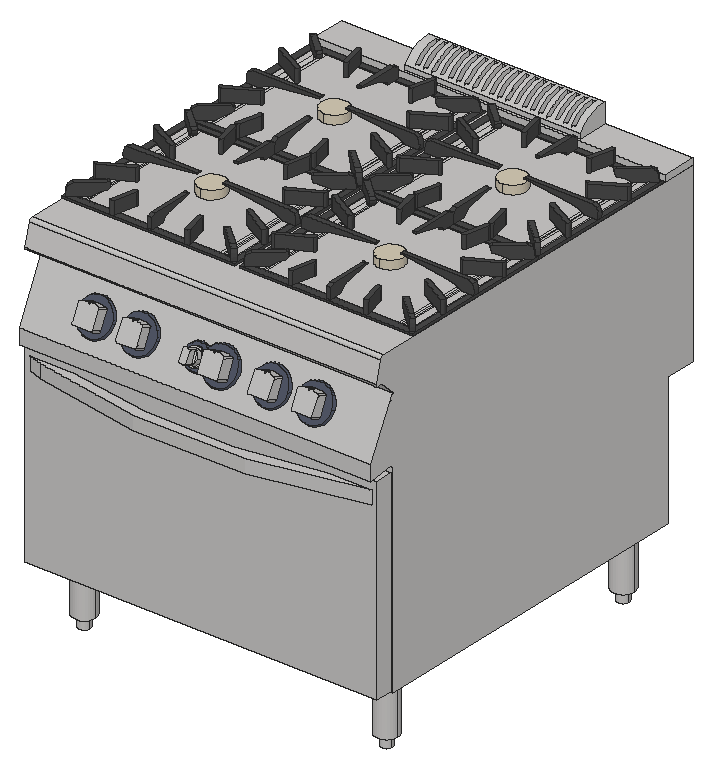
Revit family "QF_ZANUSSI_392006_Z9GCGH4SGM", category Specialty Equipment, Revit 2018
Family settings
  Round Connector Dimension = Use Diameter
  Part Type = Normal
  Work Plane-Based = No
  Always vertical = Yes
  Cut with Voids When Loaded = No
  Shared = No
  Room Calculation Point = No
Parameters
  Weight in Pounds = 155
  Weight = 0.00 kg
  Watts = 0 W
  Volts = 0 V
  URL Manufacturer = "http://www.zanussiprofessional.com"
  URL Cutsheet = "www.electrolux.com"
  URL = "http://www.zanussiprofessional.com"
  Type Mark [instance] = ""
  Steam Supply Size = 0"
  Steam Supply Minimum Pressure = 0.00 psi
  Steam Supply Maximum Pressure = 0.00 psi
  Steam Pounds per Hour = 0
  Status [instance] = ""
  Specification by User [instance] = ""
  Specification by Manufacturer = ""
  Show Logo [instance] = yes
  Show Clearance [instance] = yes
  Serial Number = ""
  Seismic Rating = ""
  SMACNA No = ""
  Revision Code [instance] = ""
  Refrigeration Suction Line Size = 0"
  Refrigeration Liquid Line Size = 0"
  Refrigerant Compressor Remote = yes
  Phase = 0
  Omniclass Number and Title = ""
  NAFEM Spec ID Number = ""
  Model = "Z9GCGH4SGM"
  Mechanical Remarks [instance] = ""
  Mechanical Connection Type [instance] = ""
  Masterspec = ""
  Manufacturer = "Zanussi"
  Length Actual = 800 mm  # constant formula
  Item Number [instance] = "392006"
  Installed By [instance] = ""
  Identify Quantity as Lot [instance] = yes
  Hot Water Size = 0"
  Height Actual = 850 mm  # constant formula
  HP = "0 HP"
  Gas Size = 1/2"
  Gas RI Height [instance] = 0 mm
  Gas KW [instance] = 48.5
  Gas Input [instance] = 1.6262 Btu/h
  Gas Connection Height = 0 mm
  Furnished By [instance] = ""
  Foodservice Equipment Identifier [instance] = yes
  Direct Waste Size = 0"
  Description = "4-BURNER (10KW) GAS RANGE+OVEN 800 MM"
  Depth Actual = 900 mm  # constant formula
  Cycle = 0 Hz
  Condensate Return Size = 0"
  Compressed Air Volume = 0 GPM
  Compressed Air Size = 0"
  Compressed Air Pressure = 0.00 psi
  Cold Water Size = 0"
  CSI MasterFormat = ""
  CSI Master Format = ""
  Accessory = yes
Reference planes
  plane 1 "BACK": y = 0
  plane 2: z = 0
  plane 3 "LEFT": x = 0
  plane 4 "RIGHT": x = 800.1
  plane 5 "FRONT": y = -915
  plane 6 "TOP": z = 908
  plane 7 "Center Y": x = 400.05
  plane 8 "Center X": y = -457.5
  plane 9: z = 149.225
  plane 10: z = 1397
  plane 11: y = -80.962
  plane 12: z = 850
  plane 13: x = 56
  plane 14: y = -128
  plane 15: y = -801.687
  plane 16: y = -665.163
  plane 17: y = -1309
  plane 18: y = -576
  plane 19: x = 744.1
  plane 20: y = -900
  plane 21: x = 70.925
Forms (mm)
  Extrusion 1, solid, material "QF_Finishes_Stainless Steel"
    sketch origin (0, 0, 0) x (0, 1, 0) y (0, 0, 1)
      loop
        line (0, 849.225) -> (-879.358, 849.225)
        arc (-879.358, 849.225) -> (-884.643, 847.036) -> (-886.833, 841.751) r 7.474
        line (-886.833, 841.751) -> (-899.884, 796.236)
        arc (-899.884, 796.236) -> (-899.396, 793.604) -> (-897, 792.409) r 3
        line (-897, 792.409) -> (-886.802, 792.409) -> (-854.982, 760.589) -> (-915, 639.733) -> (-915, 604.733) -> (-858.645, 612.653)
        arc (-858.645, 612.653) -> (-856.101, 611.899) -> (-855, 609.484) r 3.2
        line (-855, 609.484) -> (-855, 149.225) -> (-71, 149.225) -> (-71, 449.225) -> (0, 449.225) -> (0, 849.225)
      loop
        line (-900, 599.225) -> (-900, 154.225) -> (-860, 154.225) -> (-860, 599.225) -> (-900, 599.225)
    from 0 to 800.1
  Revolve 2, solid, material "QF_Finishes_Stainless Steel"
    sketch origin (0, -801.687, 611.731) x (0, 0, -1) y (1, 0, 0)
      loop
        line (462.506, 56) -> (462.506, 30.6) -> (586.331, 30.6) -> (586.331, 43.3) -> (611.731, 43.3) -> (611.731, 56) -> (462.506, 56)
      axis (611.731, 56) -> (462.506, 56)
    angle from 0 to 360
  Revolve 3, solid, material "QF_Finishes_Stainless Steel"
    sketch origin (800.1, -801.687, 611.731) x (0, 0, -1) y (1, 0, 0)
      loop
        line (462.506, -55.562) -> (611.731, -55.562) -> (611.731, -42.862) -> (586.331, -42.862) -> (586.331, -30.162) -> (462.506, -30.162) -> (462.506, -55.562)
      axis (611.731, -55.562) -> (462.506, -55.562)
    angle from 0 to 360
  Revolve 4, solid, material "QF_Finishes_Stainless Steel"
    sketch origin (800.1, -128.588, 611.731) x (0, 0, -1) y (1, 0, 0)
      loop
        line (462.506, -55.562) -> (611.731, -55.562) -> (611.731, -42.862) -> (586.331, -42.862) -> (586.331, -30.162) -> (462.506, -30.162) -> (462.506, -55.562)
      axis (611.731, -55.562) -> (462.506, -55.562)
    angle from 0 to 360
  Revolve 5, solid, material "QF_Finishes_Stainless Steel"
    sketch origin (111.125, -128.588, 611.731) x (0, 0, -1) y (1, 0, 0)
      loop
        line (462.506, -55.125) -> (611.731, -55.125) -> (611.731, -42.425) -> (586.331, -42.425) -> (586.331, -29.725) -> (462.506, -29.725) -> (462.506, -55.125)
      axis (611.731, -55.125) -> (462.506, -55.125)
    angle from 0 to 360
  Extrusion 6, solid, material "QF_Finishes_Stainless Steel"
    sketch origin (0, 0, 0) x (0, 1, 0) y (0, 0, 1)
      loop
        line (0, 850) -> (0, 864.288) -> (-76.2, 864.288) -> (-76.2, 850) -> (0, 850)
    from 0 to 800.1
  Extrusion 7, void
    sketch origin (-65.011, 0, 865.138) x (-1, 0, 0) y (0, -1, 0)
      loop
        line (-295.005, 6.761) -> (-285.709, 6.761) -> (-285.709, 63.911) -> (-295.005, 63.911) -> (-295.005, 6.761)
      loop
        line (-313.697, 6.761) -> (-304.401, 6.761) -> (-304.401, 63.911) -> (-313.697, 63.911) -> (-313.697, 6.761)
      loop
        line (-332.39, 6.761) -> (-323.094, 6.761) -> (-323.094, 63.911) -> (-332.39, 63.911) -> (-332.39, 6.761)
      loop
        line (-351.082, 6.761) -> (-341.787, 6.761) -> (-341.787, 63.911) -> (-351.082, 63.911) -> (-351.082, 6.761)
      loop
        line (-369.775, 6.761) -> (-360.479, 6.761) -> (-360.479, 63.911) -> (-369.775, 63.911) -> (-369.775, 6.761)
      loop
        line (-388.468, 6.761) -> (-379.172, 6.761) -> (-379.172, 63.911) -> (-388.468, 63.911) -> (-388.468, 6.761)
      loop
        line (-407.16, 6.761) -> (-397.864, 6.761) -> (-397.864, 63.911) -> (-407.16, 63.911) -> (-407.16, 6.761)
      loop
        line (-425.853, 6.761) -> (-416.557, 6.761) -> (-416.557, 63.911) -> (-425.853, 63.911) -> (-425.853, 6.761)
      loop
        line (-444.545, 6.761) -> (-435.25, 6.761) -> (-435.25, 63.911) -> (-444.545, 63.911) -> (-444.545, 6.761)
      loop
        line (-463.238, 6.761) -> (-453.942, 6.761) -> (-453.942, 63.911) -> (-463.238, 63.911) -> (-463.238, 6.761)
      loop
        line (-481.931, 6.761) -> (-472.635, 6.761) -> (-472.635, 63.911) -> (-481.931, 63.911) -> (-481.931, 6.761)
      loop
        line (-500.623, 6.761) -> (-491.328, 6.761) -> (-491.328, 63.911) -> (-500.623, 63.911) -> (-500.623, 6.761)
      loop
        line (-519.316, 6.761) -> (-510.02, 6.761) -> (-510.02, 63.911) -> (-519.316, 63.911) -> (-519.316, 6.761)
      loop
        line (-538.008, 6.761) -> (-528.713, 6.761) -> (-528.713, 63.911) -> (-538.008, 63.911) -> (-538.008, 6.761)
      loop
        line (-556.701, 6.761) -> (-547.405, 6.761) -> (-547.405, 63.911) -> (-556.701, 63.911) -> (-556.701, 6.761)
      loop
        line (-575.394, 6.761) -> (-566.098, 6.761) -> (-566.098, 63.911) -> (-575.394, 63.911) -> (-575.394, 6.761)
      loop
        line (-594.086, 6.761) -> (-584.791, 6.761) -> (-584.791, 63.911) -> (-594.086, 63.911) -> (-594.086, 6.761)
      loop
        line (-612.779, 6.761) -> (-603.483, 6.761) -> (-603.483, 63.911) -> (-612.779, 63.911) -> (-612.779, 6.761)
      loop
        line (-631.472, 6.761) -> (-622.176, 6.761) -> (-622.176, 63.911) -> (-631.472, 63.911) -> (-631.472, 6.761)
      loop
        line (-650.164, 6.761) -> (-640.868, 6.761) -> (-640.868, 63.911) -> (-650.164, 63.911) -> (-650.164, 6.761)
    from 9.525 to 45.348
  Extrusion 8, solid, material "QF_Finishes_Stainless Steel"
    sketch origin (400.05, 175.397, 1219.2) x (0, 1, 0) y (0, 0, 1)
      loop
        line (-175.397, -354.912) -> (-175.397, -311.2)
        arc (-175.397, -311.2) -> (-214.469, -319.821) -> (-245.247, -345.387) r 84.854
        line (-245.247, -345.387) -> (-245.247, -354.912) -> (-175.397, -354.912)
    from -200.05 to 199.95
  Extrusion 9, solid, material "QF_Finishes_Stainless Steel"
    sketch origin (0, -853.025, 149.225) x (1, 0, 0) y (0, -1, 0)
      loop
        circle (749.3, -187.862) r 6.4
      loop
        circle (757.1, -277.025) r 6.4
    from 0 to 20.638
  Extrusion 10, solid, material "QF_Clearances", visible <- "Show Clearance", detail levels coarse
    sketch origin (0, 0, 0) x (1, 0, 0) y (0, 1, 0)
      loop
        line (-100.013, -915) -> (0, -915) -> (0, 0) -> (800.1, 0) -> (800.1, -915) -> (900.113, -915) -> (900.113, 100.013) -> (-100.013, 100.013) -> (-100.013, -915)
    from 0 to 908
  Blend 11, solid, material "QF_Finishes_Navy Blue"
    base sketch origin (150, -884.991, 700.161) x (1, 0, 0) y (0, 0.444781, 0.895639)
      loop
        circle (0, 0) r 42.5
    top sketch origin (150, -884.991, 700.161) x (1, 0, 0) y (0, 0.444781, 0.895639)
      loop
        circle (0, 0) r 40.5
    from 0 to 5
  Extrusion 12, solid, material "QF_Finishes_Stainless Steel"
    sketch origin (150, -884.991, 700.161) x (1, 0, 0) y (0, 0.444781, 0.895639)
      loop
        arc (-21.147, 22.789) -> (-22.494, 21.685) -> (-23, 20.019) r 2.997
        line (-23, 20.019) -> (-23, -20.019)
        arc (-23, -20.019) -> (-22.122, -22.138) -> (-20.003, -23.016) r 2.997
        line (-20.003, -23.016) -> (20.003, -23.016)
        arc (20.003, -23.016) -> (22.122, -22.138) -> (23, -20.019) r 2.997
        line (23, -20.019) -> (23, 20.019)
        arc (23, 20.019) -> (22.494, 21.685) -> (21.147, 22.789) r 2.997
        arc (21.147, 22.789) -> (0, 26.984) -> (-21.147, 22.789) r 55.4
    from 10 to 34
  Extrusion 13, solid, material "QF_Plastic-Black-Matte"
    sketch origin (207.5, -884.991, 700.799) x (0, 0.444781, 0.895639) y (0, -0.895639, 0.444781)
      loop
        line (26.535, 33.47) -> (26.535, 18.47) -> (27.535, 18.47) -> (27.535, 33.47)
        arc (27.535, 33.47) -> (27.242, 34.177) -> (26.535, 34.47) r 1
        line (26.535, 34.47) -> (23.535, 34.47) -> (23.535, 33.47) -> (26.535, 33.47)
    from -58.5 to -56.5
  Extrusion 14, solid, material "QF_Finishes_Stainless Steel"
    sketch origin (150, -884.991, 700.161) x (1, 0, 0) y (0, 0.444781, 0.895639)
      loop
        line (17.5, 17.5) -> (-17.5, 17.5) -> (-17.5, -17.5) -> (17.5, -17.5) -> (17.5, 17.5)
    from 5 to 10
  Blend 15, solid, material "QF_Finishes_Navy Blue"
    base sketch origin (250, -884.991, 700.161) x (1, 0, 0) y (0, 0.444781, 0.895639)
      loop
        circle (0, 0) r 42.5
    top sketch origin (250, -884.991, 700.161) x (1, 0, 0) y (0, 0.444781, 0.895639)
      loop
        circle (0, 0) r 40.5
    from 0 to 5
  Extrusion 16, solid, material "QF_Finishes_Stainless Steel"
    sketch origin (250, -884.991, 700.161) x (1, 0, 0) y (0, 0.444781, 0.895639)
      loop
        arc (-21.147, 22.789) -> (-22.494, 21.685) -> (-23, 20.019) r 2.997
        line (-23, 20.019) -> (-23, -20.019)
        arc (-23, -20.019) -> (-22.122, -22.138) -> (-20.003, -23.016) r 2.997
        line (-20.003, -23.016) -> (20.003, -23.016)
        arc (20.003, -23.016) -> (22.122, -22.138) -> (23, -20.019) r 2.997
        line (23, -20.019) -> (23, 20.019)
        arc (23, 20.019) -> (22.494, 21.685) -> (21.147, 22.789) r 2.997
        arc (21.147, 22.789) -> (0, 26.984) -> (-21.147, 22.789) r 55.4
    from 10 to 34
  Extrusion 17, solid, material "QF_Finishes_Stainless Steel"
    sketch origin (250, -884.991, 700.161) x (1, 0, 0) y (0, 0.444781, 0.895639)
      loop
        line (17.5, 17.5) -> (-17.5, 17.5) -> (-17.5, -17.5) -> (17.5, -17.5) -> (17.5, 17.5)
    from 5 to 10
  Extrusion 18, solid, material "QF_Plastic-Black-Matte"
    sketch origin (192.5, -884.991, 700.799) x (0, 0.444781, 0.895639) y (0, 0.895639, -0.444781)
      loop
        line (26.535, -33.47) -> (23.535, -33.47) -> (23.535, -34.47) -> (26.535, -34.47)
        arc (26.535, -34.47) -> (27.242, -34.177) -> (27.535, -33.47) r 1
        line (27.535, -33.47) -> (27.535, -18.47) -> (26.535, -18.47) -> (26.535, -33.47)
    from -58.5 to -56.5
  Blend 19, solid, material "QF_Finishes_Navy Blue"
    base sketch origin (550.1, -884.991, 700.161) x (1, 0, 0) y (0, 0.444781, 0.895639)
      loop
        circle (0, 0) r 42.5
    top sketch origin (550.1, -884.991, 700.161) x (1, 0, 0) y (0, 0.444781, 0.895639)
      loop
        circle (0, 0) r 40.5
    from 0 to 5
  Extrusion 20, solid, material "QF_Finishes_Stainless Steel"
    sketch origin (550.1, -884.991, 700.161) x (1, 0, 0) y (0, 0.444781, 0.895639)
      loop
        arc (-21.147, 22.789) -> (-22.494, 21.685) -> (-23, 20.019) r 2.997
        line (-23, 20.019) -> (-23, -20.019)
        arc (-23, -20.019) -> (-22.122, -22.138) -> (-20.003, -23.016) r 2.997
        line (-20.003, -23.016) -> (20.003, -23.016)
        arc (20.003, -23.016) -> (22.122, -22.138) -> (23, -20.019) r 2.997
        line (23, -20.019) -> (23, 20.019)
        arc (23, 20.019) -> (22.494, 21.685) -> (21.147, 22.789) r 2.997
        arc (21.147, 22.789) -> (0, 26.984) -> (-21.147, 22.789) r 55.4
    from 10 to 34
  Extrusion 21, solid, material "QF_Plastic-Black-Matte"
    sketch origin (607.6, -884.991, 700.799) x (0, 0.444781, 0.895639) y (0, -0.895639, 0.444781)
      loop
        line (26.535, 33.47) -> (26.535, 18.47) -> (27.535, 18.47) -> (27.535, 33.47)
        arc (27.535, 33.47) -> (27.242, 34.177) -> (26.535, 34.47) r 1
        line (26.535, 34.47) -> (23.535, 34.47) -> (23.535, 33.47) -> (26.535, 33.47)
    from -58.5 to -56.5
  Extrusion 22, solid, material "QF_Finishes_Stainless Steel"
    sketch origin (550.1, -884.991, 700.161) x (1, 0, 0) y (0, 0.444781, 0.895639)
      loop
        line (17.5, 17.5) -> (-17.5, 17.5) -> (-17.5, -17.5) -> (17.5, -17.5) -> (17.5, 17.5)
    from 5 to 10
  Blend 23, solid, material "QF_Finishes_Navy Blue"
    base sketch origin (650.1, -884.991, 700.161) x (1, 0, 0) y (0, 0.444781, 0.895639)
      loop
        circle (0, 0) r 42.5
    top sketch origin (650.1, -884.991, 700.161) x (1, 0, 0) y (0, 0.444781, 0.895639)
      loop
        circle (0, 0) r 40.5
    from 0 to 5
  Extrusion 24, solid, material "QF_Finishes_Stainless Steel"
    sketch origin (650.1, -884.991, 700.161) x (1, 0, 0) y (0, 0.444781, 0.895639)
      loop
        arc (-21.147, 22.789) -> (-22.494, 21.685) -> (-23, 20.019) r 2.997
        line (-23, 20.019) -> (-23, -20.019)
        arc (-23, -20.019) -> (-22.122, -22.138) -> (-20.003, -23.016) r 2.997
        line (-20.003, -23.016) -> (20.003, -23.016)
        arc (20.003, -23.016) -> (22.122, -22.138) -> (23, -20.019) r 2.997
        line (23, -20.019) -> (23, 20.019)
        arc (23, 20.019) -> (22.494, 21.685) -> (21.147, 22.789) r 2.997
        arc (21.147, 22.789) -> (0, 26.984) -> (-21.147, 22.789) r 55.4
    from 10 to 34
  Extrusion 25, solid, material "QF_Finishes_Stainless Steel"
    sketch origin (650.1, -884.991, 700.161) x (1, 0, 0) y (0, 0.444781, 0.895639)
      loop
        line (17.5, 17.5) -> (-17.5, 17.5) -> (-17.5, -17.5) -> (17.5, -17.5) -> (17.5, 17.5)
    from 5 to 10
  Extrusion 26, solid, material "QF_Plastic-Black-Matte"
    sketch origin (592.6, -884.991, 700.799) x (0, 0.444781, 0.895639) y (0, 0.895639, -0.444781)
      loop
        line (26.535, -33.47) -> (23.535, -33.47) -> (23.535, -34.47) -> (26.535, -34.47)
        arc (26.535, -34.47) -> (27.242, -34.177) -> (27.535, -33.47) r 1
        line (27.535, -33.47) -> (27.535, -18.47) -> (26.535, -18.47) -> (26.535, -33.47)
    from -58.5 to -56.5
  Blend 27, solid, material "QF_Finishes_Navy Blue"
    base sketch origin (435, -884.991, 700.161) x (1, 0, 0) y (0, 0.444781, 0.895639)
      loop
        arc (-35.05, -24.037) -> (42.5, 0) -> (-35.05, 24.037) r 42.5
        arc (-35.05, 24.037) -> (-83, 0) -> (-35.05, -24.037) r 30
    top sketch origin (435, -884.991, 700.161) x (1, 0, 0) y (0, 0.444781, 0.895639)
      loop
        arc (-34.578, -21.086) -> (40.5, 0) -> (-34.578, 21.086) r 40.5
        arc (-34.578, 21.086) -> (-81, 0) -> (-34.578, -21.086) r 28
    from 0 to 5
  Extrusion 28, solid, material "QF_Finishes_Stainless Steel"
    sketch origin (202.5, -884.991, 700.161) x (1, 0, 0) y (0, 0.444781, 0.895639)
      loop
        circle (177.499, -0.341) r 20
    from 5 to 10
  Extrusion 29, void
    sketch origin (435, -884.991, 700.161) x (1, 0, 0) y (0, -0.895639, 0.444781)
      loop
        line (-62.999, 24.837) -> (-62.999, 40) -> (-71.893, 40) -> (-71.893, 22) -> (-65.835, 22)
        arc (-65.835, 22) -> (-63.827, 22.828) -> (-62.999, 24.837) r 2.827
      loop
        arc (-47.003, 24.837) -> (-46.175, 22.828) -> (-44.167, 22) r 2.827
        line (-44.167, 22) -> (-38.109, 22) -> (-38.109, 40) -> (-47.003, 40) -> (-47.003, 24.837)
    from -20.019 to 20.019
  Extrusion 30, solid, material "QF_Finishes_Stainless Steel"
    sketch origin (202.5, -884.991, 700.161) x (1, 0, 0) y (0, 0.444781, 0.895639)
      loop
        arc (211.353, 22.789) -> (210.006, 21.685) -> (209.5, 20.019) r 2.997
        line (209.5, 20.019) -> (209.5, -20.019)
        arc (209.5, -20.019) -> (210.378, -22.138) -> (212.497, -23.016) r 2.997
        line (212.497, -23.016) -> (252.503, -23.016)
        arc (252.503, -23.016) -> (254.622, -22.138) -> (255.5, -20.019) r 2.997
        line (255.5, -20.019) -> (255.5, 20.019)
        arc (255.5, 20.019) -> (254.994, 21.685) -> (253.647, 22.789) r 2.997
        arc (253.647, 22.789) -> (232.5, 26.984) -> (211.353, 22.789) r 55.4
    from 5 to 34
  Extrusion 31, solid, material "QF_Finishes_Stainless Steel"
    sketch origin (202.5, -884.991, 700.161) x (1, 0, 0) y (0, 0.444781, 0.895639)
      loop
        circle (177.499, -0.341) r 16
    from 10 to 40
  Extrusion 32, solid, material "QF_Plastic-Black-Matte"
    sketch origin (492.5, -884.991, 700.161) x (0, 0.444781, 0.895639) y (0, -0.895639, 0.444781)
      loop
        line (27.106, 33.754) -> (27.106, 18.754) -> (28.106, 18.754) -> (28.106, 33.754)
        arc (28.106, 33.754) -> (27.813, 34.461) -> (27.106, 34.754) r 1
        line (27.106, 34.754) -> (24.106, 34.754) -> (24.106, 33.754) -> (27.106, 33.754)
    from -58.5 to -56.5
  Extrusion 33, solid, material "QF_Finishes_Door Clearance", visible <- "Show Clearance", detail levels coarse
    sketch origin (0, -200, -0.775) x (0, 1, 0) y (0, 0, 1)
      loop
        arc (-700, 600) -> (-991.621, 457.58) -> (-1108.972, 155) r 445
        line (-1108.972, 155) -> (-700, 155) -> (-700, 600)
    from 0 to 800
  Extrusion 34, solid, material "QF_Finishes_Stainless Steel"
    sketch origin (0, -200, 149.225) x (-1, 0, 0) y (0, -1, 0)
      loop
        line (-790, 700) -> (-696.395, 700)
        arc (-696.395, 700) -> (-400, 735) -> (-103.605, 700) r 1272.5
        line (-103.605, 700) -> (-10, 700)
        arc (-10, 700) -> (-27.217, 705.295) -> (-44.506, 710.35) r 1297.5
        arc (-44.506, 710.35) -> (-418.013, 759.875) -> (-790, 700) r 1297.5
    from 400 to 430
Cuts and joins
  Extrusion 7 cuts Extrusion 8
  Extrusion 29 cuts Extrusion 31
Lines and regions (mm)
  Split face 1
    outline origin (150, -889.469, 702.385) x (1, 0, 0) y (0, 0.444781, 0.895639)
      loop
        circle (-33, 0) r 3
  Split face 2
    outline origin (155.901, -889.469, 702.385) x (1, 0, 0) y (0, 0.444781, 0.895639)
      loop
        line (-8.901, 38.561) -> (-8.901, 28.561) -> (-2.901, 28.561) -> (-2.901, 38.561) -> (-8.901, 38.561)
  Split face 3
    outline origin (155.901, -889.469, 702.385) x (1, 0, 0) y (0, 0.444781, 0.895639)
      loop
        line (-8.401, 38.061) -> (-8.401, 29.061) -> (-3.401, 29.061) -> (-3.401, 38.061) -> (-8.401, 38.061)
  Split face 4
    outline origin (175.657, -875.159, 731.2) x (-1, 0, 0) y (0, -0.444781, -0.895639)
      loop
        circle (43.456, 61.543) r 1.5
  Split face 5
    outline origin (150, -889.469, 702.385) x (1, 0, 0) y (0, 0.444781, 0.895639)
      loop
        circle (-24.487, 26.694) r 3.497
  Split face 6
    outline origin (155.901, -859.615, 762.501) x (1, 0, 0) y (0, 0.444781, 0.895639)
      loop
        line (-8.401, -34.061) -> (-3.401, -34.061)
  Split face 7
    outline origin (155.901, -859.615, 762.501) x (1, 0, 0) y (0, 0.444781, 0.895639)
      loop
        line (-8.401, -33.561) -> (-3.401, -33.561)
  Split face 8
    outline origin (155.901, -859.615, 762.501) x (1, 0, 0) y (0, 0.444781, 0.895639)
      loop
        circle (-5.901, -31.311) r 2.029
  Split face 9
    outline origin (255.901, -889.469, 702.385) x (1, 0, 0) y (0, 0.444781, 0.895639)
      loop
        line (-8.901, 38.561) -> (-8.901, 28.561) -> (-2.901, 28.561) -> (-2.901, 38.561) -> (-8.901, 38.561)
  Split face 10
    outline origin (255.901, -889.469, 702.385) x (1, 0, 0) y (0, 0.444781, 0.895639)
      loop
        line (-8.401, 38.061) -> (-8.401, 29.061) -> (-3.401, 29.061) -> (-3.401, 38.061) -> (-8.401, 38.061)
  Split face 11
    outline origin (255.901, -889.469, 702.385) x (1, 0, 0) y (0, 0.444781, 0.895639)
      loop
        line (-8.401, 34.061) -> (-3.401, 34.061)
  Split face 12
    outline origin (255.901, -889.469, 702.385) x (1, 0, 0) y (0, 0.444781, 0.895639)
      loop
        line (-8.401, 33.561) -> (-3.401, 33.561)
  Split face 13
    outline origin (255.901, -889.469, 702.385) x (1, 0, 0) y (0, 0.444781, 0.895639)
      loop
        circle (-5.901, 31.311) r 2.029
  Split face 14
    outline origin (250, -889.469, 702.385) x (1, 0, 0) y (0, 0.444781, 0.895639)
      loop
        circle (-33, 0) r 3
  Split face 15
    outline origin (275.657, -875.159, 731.2) x (-1, 0, 0) y (0, -0.444781, -0.895639)
      loop
        circle (43.456, 61.543) r 1.5
  Split face 16
    outline origin (250, -889.469, 702.385) x (1, 0, 0) y (0, 0.444781, 0.895639)
      loop
        circle (-24.487, 26.694) r 3.497
  Split face 17
    outline origin (550.1, -889.469, 702.385) x (1, 0, 0) y (0, 0.444781, 0.895639)
      loop
        circle (-33, 0) r 3
  Split face 18
    outline origin (556.001, -889.469, 702.385) x (1, 0, 0) y (0, 0.444781, 0.895639)
      loop
        line (-8.901, 38.561) -> (-8.901, 28.561) -> (-2.901, 28.561) -> (-2.901, 38.561) -> (-8.901, 38.561)
  Split face 19
    outline origin (556.001, -889.469, 702.385) x (1, 0, 0) y (0, 0.444781, 0.895639)
      loop
        line (-8.401, 38.061) -> (-8.401, 29.061) -> (-3.401, 29.061) -> (-3.401, 38.061) -> (-8.401, 38.061)
  Split face 20
    outline origin (575.757, -875.159, 731.2) x (-1, 0, 0) y (0, -0.444781, -0.895639)
      loop
        circle (43.456, 61.543) r 1.5
  Split face 21
    outline origin (550.1, -889.469, 702.385) x (1, 0, 0) y (0, 0.444781, 0.895639)
      loop
        circle (-24.487, 26.694) r 3.497
  Split face 22
    outline origin (556.001, -859.615, 762.501) x (1, 0, 0) y (0, 0.444781, 0.895639)
      loop
        line (-8.401, -34.061) -> (-3.401, -34.061)
  Split face 23
    outline origin (556.001, -859.615, 762.501) x (1, 0, 0) y (0, 0.444781, 0.895639)
      loop
        line (-8.401, -33.561) -> (-3.401, -33.561)
  Split face 24
    outline origin (556.001, -859.615, 762.501) x (1, 0, 0) y (0, 0.444781, 0.895639)
      loop
        circle (-5.901, -31.311) r 2.029
  Split face 25
    outline origin (656.001, -889.469, 702.385) x (1, 0, 0) y (0, 0.444781, 0.895639)
      loop
        line (-8.901, 38.561) -> (-8.901, 28.561) -> (-2.901, 28.561) -> (-2.901, 38.561) -> (-8.901, 38.561)
  Split face 26
    outline origin (656.001, -889.469, 702.385) x (1, 0, 0) y (0, 0.444781, 0.895639)
      loop
        line (-8.401, 38.061) -> (-8.401, 29.061) -> (-3.401, 29.061) -> (-3.401, 38.061) -> (-8.401, 38.061)
  Split face 27
    outline origin (656.001, -889.469, 702.385) x (1, 0, 0) y (0, 0.444781, 0.895639)
      loop
        line (-8.401, 34.061) -> (-3.401, 34.061)
  Split face 28
    outline origin (656.001, -889.469, 702.385) x (1, 0, 0) y (0, 0.444781, 0.895639)
      loop
        line (-8.401, 33.561) -> (-3.401, 33.561)
  Split face 29
    outline origin (656.001, -889.469, 702.385) x (1, 0, 0) y (0, 0.444781, 0.895639)
      loop
        circle (-5.901, 31.311) r 2.029
  Split face 30
    outline origin (650.1, -889.469, 702.385) x (1, 0, 0) y (0, 0.444781, 0.895639)
      loop
        circle (-33, 0) r 3
  Split face 31
    outline origin (675.757, -875.159, 731.2) x (-1, 0, 0) y (0, -0.444781, -0.895639)
      loop
        circle (43.456, 61.543) r 1.5
  Split face 32
    outline origin (650.1, -889.469, 702.385) x (1, 0, 0) y (0, 0.444781, 0.895639)
      loop
        circle (-24.487, 26.694) r 3.497
  Split face 33
    outline origin (435, -889.469, 702.385) x (1, 0, 0) y (0, 0.444781, 0.895639)
      loop
        circle (0, 33) r 1
  Split face 34
    outline origin (435, -889.469, 702.385) x (1, 0, 0) y (0, 0.444781, 0.895639)
      loop
        circle (-8.541, 31.876) r 1
  Split face 35
    outline origin (435, -889.469, 702.385) x (1, 0, 0) y (0, 0.444781, 0.895639)
      loop
        circle (-16.5, 28.579) r 1
  Split face 36
    outline origin (435, -889.469, 702.385) x (1, 0, 0) y (0, 0.444781, 0.895639)
      loop
        circle (-23.335, 23.335) r 1
  Split face 37
    outline origin (435, -889.469, 702.385) x (1, 0, 0) y (0, 0.444781, 0.895639)
      loop
        circle (-28.579, 16.5) r 1
  Split face 38
    outline origin (435, -889.469, 702.385) x (1, 0, 0) y (0, 0.444781, 0.895639)
      loop
        circle (-31.876, 8.541) r 1
  Split face 39
    outline origin (435, -889.469, 702.385) x (1, 0, 0) y (0, 0.444781, 0.895639)
      loop
        circle (-33, 0) r 1
  Split face 40
    outline origin (435, -889.469, 702.385) x (-1, 0, 0) y (0, 0.444781, 0.895639)
      loop
        circle (-8.541, 31.876) r 1
  Split face 41
    outline origin (435, -889.469, 702.385) x (-1, 0, 0) y (0, 0.444781, 0.895639)
      loop
        circle (-16.5, 28.579) r 1
  Split face 42
    outline origin (435, -889.469, 702.385) x (-1, 0, 0) y (0, 0.444781, 0.895639)
      loop
        circle (-23.335, 23.335) r 1
  Split face 43
    outline origin (435, -889.469, 702.385) x (-1, 0, 0) y (0, 0.444781, 0.895639)
      loop
        circle (-28.579, 16.5) r 1
  Split face 44
    outline origin (435, -889.469, 702.385) x (-1, 0, 0) y (0, 0.444781, 0.895639)
      loop
        circle (-31.876, 8.541) r 1
  Split face 45
    outline origin (435, -889.469, 702.385) x (1, 0, 0) y (0, -0.444781, -0.895639)
      loop
        circle (0, 33) r 1
  Split face 46
    outline origin (435, -889.469, 702.385) x (1, 0, 0) y (0, -0.444781, -0.895639)
      loop
        circle (-8.541, 31.876) r 1
  Split face 47
    outline origin (435, -889.469, 702.385) x (1, 0, 0) y (0, -0.444781, -0.895639)
      loop
        circle (-16.5, 28.579) r 1
  Split face 48
    outline origin (435, -889.469, 702.385) x (1, 0, 0) y (0, -0.444781, -0.895639)
      loop
        circle (-23.335, 23.335) r 1
  Split face 49
    outline origin (435, -889.469, 702.385) x (1, 0, 0) y (0, -0.444781, -0.895639)
      loop
        circle (-28.579, 16.5) r 1
  Split face 50
    outline origin (435, -889.469, 702.385) x (1, 0, 0) y (0, -0.444781, -0.895639)
      loop
        circle (-31.876, 8.541) r 1
  Split face 51
    outline origin (435, -889.469, 702.385) x (-1, 0, 0) y (0, -0.444781, -0.895639)
      loop
        circle (-8.541, 31.876) r 1
  Split face 52
    outline origin (435, -889.469, 702.385) x (-1, 0, 0) y (0, -0.444781, -0.895639)
      loop
        circle (-16.5, 28.579) r 1
  Split face 53
    outline origin (435, -889.469, 702.385) x (-1, 0, 0) y (0, -0.444781, -0.895639)
      loop
        circle (-23.335, 23.335) r 1
  Split face 54
    outline origin (435, -889.469, 702.385) x (-1, 0, 0) y (0, -0.444781, -0.895639)
      loop
        circle (-28.579, 16.5) r 1
  Split face 55
    outline origin (435, -889.469, 702.385) x (-1, 0, 0) y (0, -0.444781, -0.895639)
      loop
        circle (-31.876, 8.541) r 1
  Split face 56
    outline origin (435, -889.469, 702.385) x (1, 0, 0) y (0, 0.444781, 0.895639)
      loop
        circle (33, 0) r 1
  Split face 57
    outline origin (435, -889.469, 702.385) x (1, 0, 0) y (0, 0.444781, 0.895639)
      loop
        circle (-55.001, 22) r 1.508
  Split face 58
    outline origin (435, -889.469, 702.385) x (1, 0, 0) y (0, 0.444781, 0.895639)
      loop
        circle (-77.001, 0) r 1.343
  Split face 59
    outline origin (435, -889.469, 702.385) x (1, 0, 0) y (0, 0.444781, 0.895639)
      loop
        line (-56.273, -20.786) -> (-56.273, -25.164) -> (-53.729, -25.164) -> (-53.729, -20.786) -> (-56.273, -20.786)
  symbolic lines, style "QF_Clearances", visible <- "Show Clearance", detail levels coarse
    curve 1: line (-100.013, -915, 0) -> (-100.013, 100.013, 0)
    curve 2: line (-100.013, 100.013, 0) -> (900.113, 100.013, 0)
    curve 3: line (900.113, 100.013, 0) -> (900.113, -914.604, 0)
  symbolic lines
    curve 4: line (0, -73.526, 0) -> (800.1, -73.526, 0)
    curve 5: line (800.1, -73.526, 0) -> (800.1, -915, 0)
    curve 6: line (0, -915, 0) -> (0, -73.526, 0)
    curve 7: line (0, -76.2, 0) -> (800.1, -76.2, 0)
    curve 11: line (200, -69.85, 0) -> (200, -73.526, 0)
    curve 12: line (200, -69.85, 0) -> (600, -69.85, 0)
    curve 13: line (600, -69.85, 0) -> (600, -73.526, 0)
    curve 14: line (585.153, -6.761, 0) -> (585.153, -63.911, 0)
    curve 15: line (585.153, -63.911, 0) -> (575.857, -63.911, 0)
    curve 16: line (575.857, -63.911, 0) -> (575.857, -6.761, 0)
    curve 17: line (575.857, -6.761, 0) -> (585.153, -6.761, 0)
    curve 18: line (566.461, -6.761, 0) -> (566.461, -63.911, 0)
    curve 19: line (566.461, -63.911, 0) -> (557.165, -63.911, 0)
    curve 20: line (557.165, -63.911, 0) -> (557.165, -6.761, 0)
    curve 21: line (557.165, -6.761, 0) -> (566.461, -6.761, 0)
    curve 22: line (547.768, -6.761, 0) -> (547.768, -63.911, 0)
    curve 23: line (547.768, -63.911, 0) -> (538.472, -63.911, 0)
    curve 24: line (538.472, -63.911, 0) -> (538.472, -6.761, 0)
    curve 25: line (538.472, -6.761, 0) -> (547.768, -6.761, 0)
    curve 26: line (529.075, -6.761, 0) -> (529.075, -63.911, 0)
    curve 27: line (529.075, -63.911, 0) -> (519.78, -63.911, 0)
    curve 28: line (519.78, -63.911, 0) -> (519.78, -6.761, 0)
    curve 29: line (519.78, -6.761, 0) -> (529.075, -6.761, 0)
    curve 30: line (510.383, -6.761, 0) -> (510.383, -63.911, 0)
    curve 31: line (510.383, -63.911, 0) -> (501.087, -63.911, 0)
    curve 32: line (501.087, -63.911, 0) -> (501.087, -6.761, 0)
    curve 33: line (501.087, -6.761, 0) -> (510.383, -6.761, 0)
    curve 34: line (491.69, -6.761, 0) -> (491.69, -63.911, 0)
    curve 35: line (491.69, -63.911, 0) -> (482.394, -63.911, 0)
    curve 36: line (482.394, -63.911, 0) -> (482.394, -6.761, 0)
    curve 37: line (482.394, -6.761, 0) -> (491.69, -6.761, 0)
    curve 38: line (472.998, -6.761, 0) -> (472.998, -63.911, 0)
    curve 39: line (472.998, -63.911, 0) -> (463.702, -63.911, 0)
    curve 40: line (463.702, -63.911, 0) -> (463.702, -6.761, 0)
    curve 41: line (463.702, -6.761, 0) -> (472.998, -6.761, 0)
    curve 42: line (454.305, -6.761, 0) -> (454.305, -63.911, 0)
    curve 43: line (454.305, -63.911, 0) -> (445.009, -63.911, 0)
    curve 44: line (445.009, -63.911, 0) -> (445.009, -6.761, 0)
    curve 45: line (445.009, -6.761, 0) -> (454.305, -6.761, 0)
    curve 46: line (435.612, -6.761, 0) -> (435.612, -63.911, 0)
    curve 47: line (435.612, -63.911, 0) -> (426.317, -63.911, 0)
    curve 48: line (426.317, -63.911, 0) -> (426.317, -6.761, 0)
    curve 49: line (426.317, -6.761, 0) -> (435.612, -6.761, 0)
    curve 50: line (416.92, -6.761, 0) -> (416.92, -63.911, 0)
    curve 51: line (416.92, -63.911, 0) -> (407.624, -63.911, 0)
    curve 52: line (407.624, -63.911, 0) -> (407.624, -6.761, 0)
    curve 53: line (407.624, -6.761, 0) -> (416.92, -6.761, 0)
    curve 54: line (398.227, -6.761, 0) -> (398.227, -63.911, 0)
    curve 55: line (398.227, -63.911, 0) -> (388.931, -63.911, 0)
    curve 56: line (388.931, -63.911, 0) -> (388.931, -6.761, 0)
    curve 57: line (388.931, -6.761, 0) -> (398.227, -6.761, 0)
    curve 58: line (379.534, -6.761, 0) -> (379.534, -63.911, 0)
    curve 59: line (379.534, -63.911, 0) -> (370.239, -63.911, 0)
    curve 60: line (370.239, -63.911, 0) -> (370.239, -6.761, 0)
    curve 61: line (370.239, -6.761, 0) -> (379.534, -6.761, 0)
    curve 62: line (360.842, -6.761, 0) -> (360.842, -63.911, 0)
    curve 63: line (360.842, -63.911, 0) -> (351.546, -63.911, 0)
    curve 64: line (351.546, -63.911, 0) -> (351.546, -6.761, 0)
    curve 65: line (351.546, -6.761, 0) -> (360.842, -6.761, 0)
    curve 66: line (342.149, -6.761, 0) -> (342.149, -63.911, 0)
    curve 67: line (342.149, -63.911, 0) -> (332.854, -63.911, 0)
    curve 68: line (332.854, -63.911, 0) -> (332.854, -6.761, 0)
    curve 69: line (332.854, -6.761, 0) -> (342.149, -6.761, 0)
    curve 70: line (323.457, -6.761, 0) -> (323.457, -63.911, 0)
    curve 71: line (323.457, -63.911, 0) -> (314.161, -63.911, 0)
    curve 72: line (314.161, -63.911, 0) -> (314.161, -6.761, 0)
    curve 73: line (314.161, -6.761, 0) -> (323.457, -6.761, 0)
    curve 74: line (304.764, -6.761, 0) -> (304.764, -63.911, 0)
    curve 75: line (304.764, -63.911, 0) -> (295.468, -63.911, 0)
    curve 76: line (295.468, -63.911, 0) -> (295.468, -6.761, 0)
    curve 77: line (295.468, -6.761, 0) -> (304.764, -6.761, 0)
    curve 78: line (286.071, -6.761, 0) -> (286.071, -63.911, 0)
    curve 79: line (286.071, -63.911, 0) -> (276.776, -63.911, 0)
    curve 80: line (276.776, -63.911, 0) -> (276.776, -6.761, 0)
    curve 81: line (276.776, -6.761, 0) -> (286.071, -6.761, 0)
    curve 82: line (267.379, -6.761, 0) -> (267.379, -63.911, 0)
    curve 83: line (267.379, -63.911, 0) -> (258.083, -63.911, 0)
    curve 84: line (258.083, -63.911, 0) -> (258.083, -6.761, 0)
    curve 85: line (258.083, -6.761, 0) -> (267.379, -6.761, 0)
    curve 86: line (248.686, -6.761, 0) -> (248.686, -63.911, 0)
    curve 87: line (248.686, -63.911, 0) -> (239.39, -63.911, 0)
    curve 88: line (239.39, -63.911, 0) -> (239.39, -6.761, 0)
    curve 89: line (239.39, -6.761, 0) -> (248.686, -6.761, 0)
    curve 90: line (229.994, -6.761, 0) -> (229.994, -63.911, 0)
    curve 91: line (229.994, -63.911, 0) -> (220.698, -63.911, 0)
    curve 92: line (220.698, -63.911, 0) -> (220.698, -6.761, 0)
    curve 93: line (220.698, -6.761, 0) -> (229.994, -6.761, 0)
    curve 94: line (127, -900, 0) -> (127, -924.347, 0)
    curve 95: arc (127, -924.347, 0) -> (127.146, -924.811, 0) -> (127.532, -925.107, 0) r 0.809
    curve 96: arc (127.532, -925.107, 0) -> (128.72, -925.587, 0) -> (129.997, -925.68, 0) r 4.127
    curve 97: arc (127, -904.292, 0) -> (121.959, -902.458, 0) -> (117.191, -900, 0) r 42.24
    curve 98: arc (127, -906.539, 0) -> (127.502, -905.818, 0) -> (128.299, -905.448, 0) r 1.682
    curve 99: arc (128.299, -905.448, 0) -> (138.602, -903.95, 0) -> (149, -903.441, 0) r 109.079
    curve 100: line (149, -900, 0) -> (149, -905.671, 0)
    curve 101: line (149, -905.671, 0) -> (151, -905.671, 0)
    curve 102: line (151, -905.671, 0) -> (151, -900, 0)
    curve 103: line (173, -900, 0) -> (173, -924.347, 0)
    curve 104: arc (173, -924.347, 0) -> (172.854, -924.811, 0) -> (172.468, -925.107, 0) r 0.809
    curve 105: arc (172.468, -925.107, 0) -> (171.28, -925.587, 0) -> (170.003, -925.68, 0) r 4.127
    curve 106: arc (173, -904.292, 0) -> (178.041, -902.458, 0) -> (182.809, -900, 0) r 42.24
    curve 107: arc (173, -906.539, 0) -> (172.498, -905.818, 0) -> (171.701, -905.448, 0) r 1.682
    curve 108: arc (171.701, -905.448, 0) -> (161.398, -903.95, 0) -> (151, -903.441, 0) r 109.079
    curve 109: line (129.997, -925.68, 0) -> (170.003, -925.68, 0)
    curve 110: line (227, -900, 0) -> (227, -924.347, 0)
    curve 111: arc (227, -924.347, 0) -> (227.146, -924.811, 0) -> (227.532, -925.107, 0) r 0.809
    curve 112: arc (227.532, -925.107, 0) -> (228.72, -925.587, 0) -> (229.997, -925.68, 0) r 4.127
    curve 113: arc (227, -904.292, 0) -> (221.959, -902.458, 0) -> (217.191, -900, 0) r 42.24
    curve 114: arc (227, -906.539, 0) -> (227.502, -905.818, 0) -> (228.299, -905.448, 0) r 1.682
    curve 115: arc (228.299, -905.448, 0) -> (238.602, -903.95, 0) -> (249, -903.441, 0) r 109.079
    curve 116: line (249, -900, 0) -> (249, -905.671, 0)
    curve 117: line (249, -905.671, 0) -> (251, -905.671, 0)
    curve 118: line (251, -905.671, 0) -> (251, -900, 0)
    curve 119: line (273, -900, 0) -> (273, -924.347, 0)
    curve 120: arc (273, -924.347, 0) -> (272.854, -924.811, 0) -> (272.468, -925.107, 0) r 0.809
    curve 121: arc (272.468, -925.107, 0) -> (271.28, -925.587, 0) -> (270.003, -925.68, 0) r 4.127
    curve 122: arc (273, -904.292, 0) -> (278.041, -902.458, 0) -> (282.809, -900, 0) r 42.24
    curve 123: arc (273, -906.539, 0) -> (272.498, -905.818, 0) -> (271.701, -905.448, 0) r 1.682
    curve 124: arc (271.701, -905.448, 0) -> (261.398, -903.95, 0) -> (251, -903.441, 0) r 109.079
    curve 125: line (229.997, -925.68, 0) -> (270.003, -925.68, 0)
    curve 126: line (412, -900, 0) -> (412, -924.347, 0)
    curve 127: arc (412, -924.347, 0) -> (412.146, -924.811, 0) -> (412.532, -925.107, 0) r 0.809
    curve 128: arc (412.532, -925.107, 0) -> (413.72, -925.587, 0) -> (414.997, -925.68, 0) r 4.127
    curve 129: arc (412, -904.292, 0) -> (406.959, -902.458, 0) -> (402.191, -900, 0) r 42.24
    curve 130: arc (412, -906.539, 0) -> (412.502, -905.818, 0) -> (413.299, -905.448, 0) r 1.682
    curve 131: arc (413.299, -905.448, 0) -> (423.602, -903.95, 0) -> (434, -903.441, 0) r 109.079
    curve 132: line (434, -900, 0) -> (434, -905.671, 0)
    curve 133: line (434, -905.671, 0) -> (436, -905.671, 0)
    curve 134: line (436, -905.671, 0) -> (436, -900, 0)
    curve 135: line (458, -900, 0) -> (458, -924.347, 0)
    curve 136: arc (458, -924.347, 0) -> (457.854, -924.811, 0) -> (457.468, -925.107, 0) r 0.809
    curve 137: arc (457.468, -925.107, 0) -> (456.28, -925.587, 0) -> (455.003, -925.68, 0) r 4.127
    curve 138: arc (458, -904.292, 0) -> (463.041, -902.458, 0) -> (467.809, -900, 0) r 42.24
    curve 139: arc (458, -906.539, 0) -> (457.498, -905.818, 0) -> (456.701, -905.448, 0) r 1.682
    curve 140: arc (456.701, -905.448, 0) -> (446.398, -903.95, 0) -> (436, -903.441, 0) r 109.079
    curve 141: line (414.997, -925.68, 0) -> (455.003, -925.68, 0)
    curve 142: line (626.997, -900, 0) -> (626.997, -924.347, 0)
    curve 143: arc (626.997, -924.347, 0) -> (627.144, -924.811, 0) -> (627.53, -925.107, 0) r 0.809
    curve 144: arc (627.53, -925.107, 0) -> (628.717, -925.587, 0) -> (629.995, -925.68, 0) r 4.127
    curve 145: arc (626.997, -904.292, 0) -> (621.956, -902.458, 0) -> (617.188, -900, 0) r 42.24
    curve 146: arc (626.997, -906.539, 0) -> (627.5, -905.818, 0) -> (628.297, -905.448, 0) r 1.682
    curve 147: arc (628.297, -905.448, 0) -> (638.599, -903.95, 0) -> (648.997, -903.441, 0) r 109.079
    curve 148: line (648.997, -900, 0) -> (648.997, -905.671, 0)
    curve 149: line (648.997, -905.671, 0) -> (650.997, -905.671, 0)
    curve 150: line (650.997, -905.671, 0) -> (650.997, -900, 0)
    curve 151: line (672.997, -900, 0) -> (672.997, -924.347, 0)
    curve 152: arc (672.997, -924.347, 0) -> (672.851, -924.811, 0) -> (672.465, -925.107, 0) r 0.809
    curve 153: arc (672.465, -925.107, 0) -> (671.278, -925.587, 0) -> (670, -925.68, 0) r 4.127
    curve 154: arc (672.997, -904.292, 0) -> (678.039, -902.458, 0) -> (682.807, -900, 0) r 42.24
    curve 155: arc (672.997, -906.539, 0) -> (672.495, -905.818, 0) -> (671.698, -905.448, 0) r 1.682
    curve 156: arc (671.698, -905.448, 0) -> (661.396, -903.95, 0) -> (650.997, -903.441, 0) r 109.079
    curve 157: line (629.995, -925.68, 0) -> (670, -925.68, 0)
    curve 158: line (372.001, -925.977, 908.9) -> (372.001, -901.224, 908.9)
    curve 159: line (387.997, -901.224, 908.9) -> (387.997, -925.977, 908.9)
    curve 160: spline (369.365, -910.164, 908.9) -> (367.876, -909.491, 908.9) -> (366.601, -908.737, 908.9) -> (365.561, -907.914, 908.9) -> (364.775, -907.037, 908.9) -> (364.258, -906.121, 908.9) -> (364.017, -905.183, 908.9) -> (364.057, -904.239, 908.9) -> (364.378, -903.306, 908.9) -> (364.974, -902.4, 908.9) -> (365.834, -901.537, 908.9) -> (366.944, -900.732, 908.9) -> (368.283, -900, 908.9)
    curve 161: spline (391.714, -900, 908.9) -> (393.057, -900.735, 908.9) -> (394.17, -901.543, 908.9) -> (395.032, -902.41, 908.9) -> (395.627, -903.319, 908.9) -> (395.946, -904.256, 908.9) -> (395.982, -905.204, 908.9) -> (395.734, -906.145, 908.9) -> (395.209, -907.063, 908.9) -> (394.413, -907.942, 908.9) -> (393.363, -908.766, 908.9) -> (392.075, -909.521, 908.9) -> (390.574, -910.193, 908.9)
    curve 162: spline (390.574, -910.193, 908.9) -> (390.294, -910.322, 908.9) -> (390.013, -910.487, 908.9) -> (389.735, -910.686, 908.9) -> (389.465, -910.917, 908.9) -> (389.206, -911.177, 908.9) -> (388.963, -911.461, 908.9) -> (388.738, -911.765, 908.9) -> (388.535, -912.085, 908.9) -> (388.357, -912.416, 908.9) -> (388.207, -912.754, 908.9) -> (388.086, -913.094, 908.9) -> (387.997, -913.43, 908.9)
    curve 163: spline (372.001, -913.341, 908.9) -> (371.929, -912.987, 908.9) -> (371.821, -912.634, 908.9) -> (371.68, -912.286, 908.9) -> (371.507, -911.949, 908.9) -> (371.306, -911.628, 908.9) -> (371.077, -911.327, 908.9) -> (370.827, -911.051, 908.9) -> (370.556, -910.803, 908.9) -> (370.271, -910.588, 908.9) -> (369.974, -910.408, 908.9) -> (369.671, -910.266, 908.9) -> (369.365, -910.164, 908.9)
    curve 164: line (363.999, -904.847, 908.9) -> (363.999, -900, 908.9)
    curve 165: line (396.001, -904.85, 908.9) -> (396.001, -900, 908.9)
    curve 166: arc (372.001, -925.977, 908.9) -> (379.999, -927.063, 908.9) -> (387.997, -925.977, 908.9) r 30
    curve 167: arc (372.001, -901.224, 0) -> (371.902, -900.567, 0) -> (371.556, -900, 0) r 1.677
    curve 168: arc (387.997, -901.224, 0) -> (388.096, -900.567, 0) -> (388.442, -900, 0) r 1.677
    curve 169: line (0, -900, 0) -> (800.1, -900, 0)
    curve 170: line (527.1, -900, 0) -> (527.1, -924.347, 0)
    curve 171: arc (527.1, -924.347, 0) -> (527.246, -924.811, 0) -> (527.632, -925.107, 0) r 0.809
    curve 172: arc (527.632, -925.107, 0) -> (528.82, -925.587, 0) -> (530.097, -925.68, 0) r 4.127
    curve 173: arc (527.1, -904.292, 0) -> (522.059, -902.458, 0) -> (517.291, -900, 0) r 42.24
    curve 174: arc (527.1, -906.539, 0) -> (527.602, -905.818, 0) -> (528.399, -905.448, 0) r 1.682
    curve 175: arc (528.399, -905.448, 0) -> (538.702, -903.95, 0) -> (549.1, -903.441, 0) r 109.079
    curve 176: line (549.1, -900, 0) -> (549.1, -905.671, 0)
    curve 177: line (549.1, -905.671, 0) -> (551.1, -905.671, 0)
    curve 178: line (551.1, -905.671, 0) -> (551.1, -900, 0)
    curve 179: line (573.1, -900, 0) -> (573.1, -924.347, 0)
    curve 180: arc (573.1, -924.347, 0) -> (572.954, -924.811, 0) -> (572.568, -925.107, 0) r 0.809
    curve 181: arc (572.568, -925.107, 0) -> (571.38, -925.587, 0) -> (570.103, -925.68, 0) r 4.127
    curve 182: arc (573.1, -904.292, 0) -> (578.141, -902.458, 0) -> (582.909, -900, 0) r 42.24
    curve 183: arc (573.1, -906.539, 0) -> (572.598, -905.818, 0) -> (571.801, -905.448, 0) r 1.682
    curve 184: arc (571.801, -905.448, 0) -> (561.498, -903.95, 0) -> (551.1, -903.441, 0) r 109.079
    curve 185: line (530.097, -925.68, 0) -> (570.103, -925.68, 0)
    curve 186: line (0, -915, 0) -> (127, -915, 0)
    curve 187: line (173, -915, 0) -> (227, -915, 0)
    curve 188: line (273, -915, 0) -> (372.001, -915, 0)
    curve 189: line (387.953, -915, 0) -> (412, -915, 0)
    curve 190: line (458, -915, 0) -> (527.1, -915, 0)
    curve 191: line (573.1, -915, 0) -> (626.997, -915, 0)
    curve 192: line (672.997, -915, 0) -> (800.1, -915, 0)
    curve 193: arc (61.252, -915, 0) -> (400, -960, 0) -> (738.748, -915, 0) r 1297.5
    curve 194: arc (227, -923.185, 0) -> (199.954, -919.177, 0) -> (173, -914.589, 0) r 1272.5
    curve 195: arc (553.73, -925.68, 0) -> (400, -935, 0) -> (246.27, -925.68, 0) r 1272.5
    curve 196: arc (626.997, -914.59, 0) -> (600.095, -919.17, 0) -> (573.1, -923.172, 0) r 1272.5
  symbolic lines, style "QF_Door-Drawer Clearances"
    curve 8: line (0, -915, 0) -> (0, -1309, 0)
    curve 9: line (0, -1309, 0) -> (800, -1309, 0)
    curve 10: line (800, -1309, 0) -> (800, -913.725, 0)
Dimensions and locks
  equal spacing: plane 3 "LEFT", plane 7 "Center Y", plane 4 "RIGHT"
  plane 3 "LEFT" to plane 4 "RIGHT" = 800.1 mm
  equal spacing: plane 5 "FRONT", plane 8 "Center X", plane 1 "BACK"
  plane 5 "FRONT" to plane 1 "BACK" = 915 mm  (x2)
  plane 6 "TOP" to plane 2 = 908 mm
  plane 9 to plane 2 = 149.225 mm  (x2)
  plane 10 to plane 6 "TOP" = 489 mm
  plane 10 to plane 2 = 1397 mm
  plane 10 to plane 9 = 1247.775 mm
  plane 6 "TOP" to plane 12 = 58 mm
  plane 12 to plane 2 = 850 mm
  plane 14 to plane 1 "BACK" = 128 mm
  plane 15 to plane 14 = 673.688 mm
  Extrusion 9 sketch curve to plane 4 "RIGHT" = 50.8 mm
  Extrusion 9 sketch curve to plane 1 "BACK" = 665.163 mm
  Extrusion 9 to plane 2 = 128.588 mm
  plane 16 to plane 1 "BACK" = 665.163 mm
  Extrusion 9 to plane 9 = 20.638 mm
  plane 17 to plane 1 "BACK" = 1309 mm
  Extrusion 9 sketch curve to plane 4 "RIGHT" = 43 mm
  Extrusion 9 sketch curve to plane 1 "BACK" = 576 mm
  plane 18 to plane 1 "BACK" = 576 mm
  plane 3 "LEFT" to plane 13 to plane 19 to plane 4 "RIGHT" = 56 mm, 688.1 mm, 56 mm
  plane 5 "FRONT" to plane 20 = 15 mm
  aligned and locked: level to plane 2
  aligned and locked: Extrusion 1 to plane 4 "RIGHT"
  aligned and locked: plane 15 to Revolve 2
  aligned and locked: Extrusion 6 to plane 4 "RIGHT"
  aligned and locked: plane 6 "TOP" to Extrusion 10
Automatic sketch dimensions
  plane 13 to Revolve 2 sketch curve = 0 mm  (x2)
  Revolve 2 sketch curve to plane 9 = 0 mm
  Revolve 2 sketch curve to level = 0 mm
  Revolve 2 sketch curve to Revolve 2 sketch curve = 32.525 mm
  Revolve 2 sketch curve to Revolve 2 sketch curve = 50.8 mm
  level to Revolve 2 sketch curve = 25.4 mm
  Revolve 2 sketch curve to Revolve 2 sketch curve = 12.7 mm  (x2)
  plane 13 to Revolve 5 sketch curve = 0 mm  (x2)
  Revolve 5 sketch curve to plane 9 = 0 mm
  Revolve 5 sketch curve to level = 0 mm
  Revolve 5 sketch curve to Revolve 5 sketch curve = 32.525 mm
  Revolve 5 sketch curve to Revolve 5 sketch curve = 50.8 mm
  level to Revolve 5 sketch curve = 25.4 mm
  Revolve 5 sketch curve to plane 13 = 12.7 mm
  Revolve 5 sketch curve to plane 13 = 25.4 mm
  Extrusion 6 sketch curve to plane 12 = 0 mm
  Extrusion 6 sketch curve to plane 1 "BACK" = 0 mm
  plane 11 to Extrusion 6 sketch curve = 4.763 mm
  plane 12 to Extrusion 6 sketch curve = 14.288 mm
  plane 11 to Extrusion 7 sketch curve = 17.052 mm  (x19)
  Extrusion 7 sketch curve to Extrusion 7 sketch curve = 9.296 mm  (x20)
  Extrusion 7 sketch curve to Extrusion 7 sketch curve = 9.397 mm  (x18)
  plane 7 "Center Y" to Extrusion 7 sketch curve = 7.574 mm
  Extrusion 7 sketch curve to plane 7 "Center Y" = 1.823 mm
  Extrusion 7 sketch curve to Extrusion 7 sketch curve = 0 mm
  plane 1 "BACK" to Extrusion 7 sketch curve = 6.761 mm  (x20)
  Extrusion 8 sketch curve to plane 1 "BACK" = 0 mm
  plane 1 "BACK" to Extrusion 8 sketch curve = 1.769 mm
  plane 11 to Extrusion 8 sketch curve = 11.113 mm
  Extrusion 8 sketch curve to plane 12 = 26.835 mm
  plane 12 to Extrusion 8 sketch curve = 14.288 mm
  Extrusion 8 sketch curve to Extrusion 8 sketch curve = 9.525 mm
  curve 166 to plane 7 "Center Y" = 20.051 mm
  curve 166 to plane 5 "FRONT" = 17.937 mm
  curve 161 to curve 166 = 0.001 mm
  curve 159 to curve 161 = 7.996 mm
  curve 162 to curve 162 = 2.259 mm
  curve 161 to curve 162 = 0.319 mm
  curve 161 to curve 159 = 3.717 mm
  curve 162 to curve 161 = 1.423 mm
  curve 165 to curve 161 = 4.288 mm
  curve 161 to curve 160 = 0.001 mm
  curve 163 to curve 163 = 0.865 mm
  curve 163 to curve 163 = 2.495 mm
  curve 163 to curve 160 = 0.141 mm
  curve 158 to curve 160 = 3.718 mm
  curve 160 to curve 161 = 4.284 mm
  curve 161 to curve 160 = 0 mm
  curve 166 to curve 161 = 2.937 mm
  curve 166 to curve 160 = 2.937 mm
  curve 161 to curve 165 = 0 mm
  curve 164 to curve 160 = 0 mm
  curve 161 to curve 159 = 1.224 mm
  curve 160 to curve 158 = 1.224 mm
  curve 164 to curve 164 = 4.847 mm
  curve 166 to curve 160 = 7.784 mm
  curve 164 to curve 161 = 0.003 mm
  curve 165 to curve 165 = 4.85 mm
  curve 161 to curve 162 = 0.047 mm
  curve 163 to curve 163 = 2.86 mm
  curve 163 to curve 158 = 10.261 mm
  Extrusion 13 sketch curve to plane 20 = 5.396 mm
  Extrusion 13 sketch curve to plane 12 = 112.791 mm
  Extrusion 13 sketch curve to Extrusion 13 sketch curve = 3 mm
  Extrusion 13 sketch curve to Extrusion 13 sketch curve = 0 mm  (x2)
  Extrusion 13 sketch curve to Extrusion 13 sketch curve = 1 mm
  Extrusion 13 sketch curve to Extrusion 13 sketch curve = 15 mm
  Extrusion 18 sketch curve to plane 20 = 5.396 mm
  Extrusion 18 sketch curve to plane 12 = 112.791 mm
  Extrusion 18 sketch curve to Extrusion 18 sketch curve = 3 mm
  Extrusion 18 sketch curve to Extrusion 18 sketch curve = 0 mm
  Extrusion 18 sketch curve to Extrusion 18 sketch curve = 1 mm  (x2)
  Extrusion 18 sketch curve to Extrusion 18 sketch curve = 15 mm
  plane 7 "Center Y" to Blend 19 sketch curve = 150.05 mm  (x2)
  Extrusion 20 sketch curve to plane 21 = 456.175 mm
  Extrusion 20 sketch curve to Extrusion 20 sketch curve = 2.997 mm  (x3)
  Extrusion 20 sketch curve to Extrusion 20 sketch curve = 20.003 mm  (x2)
  Extrusion 20 sketch curve to Extrusion 20 sketch curve = 40.005 mm
  Extrusion 20 sketch curve to Extrusion 20 sketch curve = 5.399 mm
  Extrusion 20 sketch curve to Extrusion 20 sketch curve = 40.037 mm
  Extrusion 20 sketch curve to Extrusion 20 sketch curve = 0 mm  (x2)
  Extrusion 21 sketch curve to plane 20 = 5.396 mm
  Extrusion 21 sketch curve to plane 12 = 112.791 mm
  Extrusion 21 sketch curve to Extrusion 21 sketch curve = 3 mm
  Extrusion 21 sketch curve to Extrusion 21 sketch curve = 0 mm  (x2)
  Extrusion 21 sketch curve to Extrusion 21 sketch curve = 1 mm
  Extrusion 21 sketch curve to Extrusion 21 sketch curve = 15 mm
  Extrusion 22 sketch curve to plane 21 = 461.675 mm
  Extrusion 22 sketch curve to Extrusion 22 sketch curve = 35 mm  (x2)
  Split face 18 sketch curve to Split face 18 sketch curve = 6 mm
  Split face 18 sketch curve to Split face 18 sketch curve = 10 mm
  Split face 19 sketch curve to Split face 19 sketch curve = 5 mm
  Split face 19 sketch curve to Split face 19 sketch curve = 9 mm
  Split face 22 sketch curve to Split face 22 sketch curve = 5 mm
  Split face 23 sketch curve to Split face 23 sketch curve = 5 mm
  plane 7 "Center Y" to Blend 23 sketch curve = 250.05 mm  (x2)
  plane 7 "Center Y" to Extrusion 24 sketch curve = 227.05 mm
  Extrusion 24 sketch curve to Extrusion 24 sketch curve = 2.997 mm  (x3)
  Extrusion 24 sketch curve to Extrusion 24 sketch curve = 20.003 mm  (x2)
  Extrusion 24 sketch curve to Extrusion 24 sketch curve = 40.005 mm
  Extrusion 24 sketch curve to Extrusion 24 sketch curve = 5.399 mm
  Extrusion 24 sketch curve to Extrusion 24 sketch curve = 40.037 mm
  Extrusion 24 sketch curve to Extrusion 24 sketch curve = 0 mm  (x2)
  plane 7 "Center Y" to Extrusion 25 sketch curve = 232.55 mm
  Extrusion 25 sketch curve to Extrusion 25 sketch curve = 35 mm  (x2)
  Extrusion 26 sketch curve to plane 20 = 5.396 mm
  Extrusion 26 sketch curve to plane 12 = 112.791 mm
  Extrusion 26 sketch curve to Extrusion 26 sketch curve = 3 mm
  Extrusion 26 sketch curve to Extrusion 26 sketch curve = 0 mm
  Extrusion 26 sketch curve to Extrusion 26 sketch curve = 1 mm  (x2)
  Extrusion 26 sketch curve to Extrusion 26 sketch curve = 15 mm
  Split face 25 sketch curve to Split face 25 sketch curve = 6 mm
  Split face 25 sketch curve to Split face 25 sketch curve = 10 mm
  Split face 26 sketch curve to Split face 26 sketch curve = 5 mm
  Split face 26 sketch curve to Split face 26 sketch curve = 9 mm
  Split face 27 sketch curve to Split face 27 sketch curve = 5 mm
  Split face 28 sketch curve to Split face 28 sketch curve = 5 mm
  Blend 27 sketch curve to plane 21 = 311.075 mm  (x2)
  Blend 27 sketch curve to Blend 27 sketch curve = 53 mm  (x2)
  Blend 27 sketch curve to Blend 27 sketch curve = 0 mm  (x2)
  Blend 27 sketch curve to plane 21 = 329.026 mm
  Blend 27 sketch curve to Blend 27 sketch curve = 24.037 mm
  Blend 27 sketch curve to plane 21 = 329.497 mm
  Blend 27 sketch curve to Blend 27 sketch curve = 21.086 mm
  Extrusion 28 sketch curve to plane 21 = 309.074 mm
  Extrusion 29 sketch curve to plane 13 = 307.107 mm
  Extrusion 29 sketch curve to plane 13 = 313.165 mm
  Extrusion 29 sketch curve to Extrusion 29 sketch curve = 0.01 mm  (x2)
  Extrusion 29 sketch curve to plane 13 = 316.001 mm
  Extrusion 29 sketch curve to plane 21 = 317.072 mm
  Extrusion 29 sketch curve to Extrusion 29 sketch curve = 2.827 mm  (x3)
  Extrusion 29 sketch curve to Extrusion 29 sketch curve = 8.895 mm
  Extrusion 29 sketch curve to Extrusion 29 sketch curve = 0 mm
  Extrusion 29 sketch curve to Extrusion 29 sketch curve = 15.163 mm
  Extrusion 29 sketch curve to Extrusion 29 sketch curve = 15.173 mm
  Extrusion 30 sketch curve to plane 21 = 341.075 mm
  Extrusion 30 sketch curve to Extrusion 30 sketch curve = 2.997 mm  (x3)
  Extrusion 30 sketch curve to Extrusion 30 sketch curve = 20.003 mm  (x2)
  Extrusion 30 sketch curve to Extrusion 30 sketch curve = 40.005 mm
  Extrusion 30 sketch curve to Extrusion 30 sketch curve = 5.399 mm
  Extrusion 30 sketch curve to Extrusion 30 sketch curve = 40.037 mm
  Extrusion 30 sketch curve to Extrusion 30 sketch curve = 0 mm  (x2)
  Split face 59 sketch curve to Split face 59 sketch curve = 2.545 mm
  Split face 59 sketch curve to Split face 59 sketch curve = 4.379 mm
  Extrusion 31 sketch curve to plane 21 = 309.074 mm
  Extrusion 32 sketch curve to plane 20 = 5.396 mm
  Extrusion 32 sketch curve to plane 12 = 112.791 mm
  Extrusion 32 sketch curve to Extrusion 32 sketch curve = 3 mm
  Extrusion 32 sketch curve to Extrusion 32 sketch curve = 0 mm  (x2)
  Extrusion 32 sketch curve to Extrusion 32 sketch curve = 1 mm
  Extrusion 32 sketch curve to Extrusion 32 sketch curve = 15 mm
  Revolve 3 sketch curve to plane 9 = 0 mm
  Revolve 3 sketch curve to level = 0 mm
  level to Revolve 3 sketch curve = 25.4 mm
  plane 19 to Revolve 3 sketch curve = 0.437 mm  (x2)
  Revolve 3 sketch curve to Revolve 3 sketch curve = 12.7 mm
  Revolve 3 sketch curve to Revolve 3 sketch curve = 25.4 mm
  Revolve 3 sketch curve to Revolve 3 sketch curve = 32.525 mm
  Revolve 3 sketch curve to Revolve 3 sketch curve = 50.8 mm
  Revolve 4 sketch curve to plane 9 = 0 mm
  Revolve 4 sketch curve to level = 0 mm
  level to Revolve 4 sketch curve = 25.4 mm
  plane 19 to Revolve 4 sketch curve = 0.437 mm  (x2)
  Revolve 4 sketch curve to Revolve 4 sketch curve = 12.7 mm
  Revolve 4 sketch curve to Revolve 4 sketch curve = 25.4 mm
  Revolve 4 sketch curve to Revolve 4 sketch curve = 32.525 mm
  Revolve 4 sketch curve to Revolve 4 sketch curve = 50.8 mm
